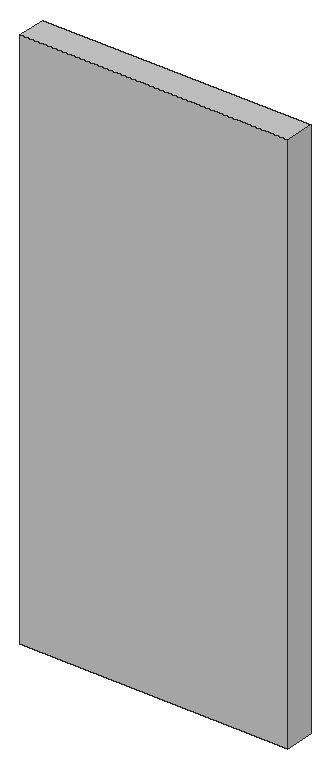
Revit family "EXP_WT-1D_CPan-005", category Curtain Panels, Revit 2021
Family settings
  OmniClass Number = 23.25.20.14.11.11.17
  OmniClass Title = Infill Panels
  Always vertical = Yes
  Cut with Voids When Loaded = No
  Shared = No
Parameters
  VisibileEXP_xx_DetO-002 [instance] = yes
  UI-UnitNumber [instance] = "001"
  UI-Quadrant [instance] = "SE"
  UI-ProjectAbbreviation = "NEU"
  UI-ItemCategory = "PID"
  UI-FloorNumber [instance] = "03"
  PNT-WallType = "WT1D"
  PNT-ProjectAbbreviation = "NEU"
  PNT-PanelType [instance] = "01"
  PNT-ItemCategory = "PNL"
  GlassH1 = LVR(Louvers)
  Define Thermal Properties by = Schematic Type
  CellSp = 0' - 10 3/16"
  CellL [instance] = 7' - 10"
  CellHTot [instance] = 15' - 11 1/2"
  CellH [instance] = 15' - 11 1/2"
  Analytic Construction = "<None>"
Reference planes (in)
  plane 1 "Center (Front/Back)": y = 0
  plane 2: z = 0
  plane 3 "Center (Left/Right)": x = 0
  plane 4 "Left": x = -47
  plane 5 "Right": x = 47
  plane 6 "Top": z = 191.5
  plane 7: y = -10.1875
Forms (in)
  Extrusion 1, solid, material "LVR(Louvers)" <- "GlassH1"
    sketch origin (0, 0, 0) x (0, 1, 0) y (0, 0, 1)
      loop
        line (0, 191.5) -> (-10.1875, 191.5) -> (-10.1875, 0) -> (0, 0) -> (0, 191.5)
    from -47 to 47
Text (in)
  text "Exterior" at (-92.59733, 55.75508, 0), in view "Ref. Level"
  text "Exterior" at (0, 90.18664, 173.49264), in view "Left"
  text "Exterior" at (0, 52.29083, 162.21847), in view "Right"
Dimensions and locks (in)
  equal spacing: plane 4 "Left", plane 3 "Center (Left/Right)", plane 5 "Right"  (x2)
  "CellL": plane 4 "Left" to plane 5 "Right"
  "CellH": plane 2 to plane 6 "Top"
  "CellSp": plane 7 to plane 1 "Center (Front/Back)"
  "CellHTot": plane 2 to plane 6 "Top"
  aligned and locked: level to plane 2
  aligned and locked: Extrusion 1 sketch curve to level
  aligned and locked: Extrusion 1 sketch curve to plane 7
  aligned and locked: Extrusion 1 to plane 5 "Right"
  aligned and locked: plane 4 "Left" to Extrusion 1
  aligned and locked: Extrusion 1 to plane 6 "Top"
  aligned and locked: nested 1 to plane 6 "Top"
  aligned and locked: Extrusion 1 to plane 2
  aligned and locked: plane 5 "Right" to nested 1
  aligned and locked: nested 1 to plane 7
Automatic sketch dimensions
  Extrusion 1 sketch curve to plane 1 "Center (Front/Back)" = 0' - 0"
  level to Extrusion 1 sketch curve = 15' - 11 1/2"
Nested families (in)
  nested 1: "EXP_xx_DetO-002" at (0, -10.1875, 0), CellH <- "CellH", CellL <- "CellL", visible <- "VisibileEXP_xx_DetO-002", type "EXP_xx_DetO-002", detail levels coarse
    with CellL 7' - 10", CellH 15' - 11 1/2"
Definition of nested family "EXP_xx_DetO-002"
  Parameters (values of type "EXP_xx_DetO-002")
    Default Elevation = 0' - 0"
    CellL [instance] = 5' - 4.56693"
    CellH [instance] = 5' - 2.99213"
  Reference planes (in)
    plane 1 "Center (Front/Back)": y = 0
    plane 2: z = 0
    plane 3 "Center (Left/Right)": x = 0
    plane 4: x = -32.28346
    plane 5: x = 32.28346
    plane 6: z = 62.99213
  Lines and regions (in)
    model lines
      curve 1: line (-32.28346, 0, 62.99213) -> (32.28346, 0, 0)
      curve 2: line (32.28346, 0, 62.99213) -> (-32.28346, 0, 0)
  Dimensions and locks (in)
    "CellH": plane 6 to level
    equal spacing: plane 4, plane 3 "Center (Left/Right)", plane 5
    "CellL": plane 4 to plane 5
    aligned and locked: level to plane 2
  Automatic sketch dimensions
    curve 2 to level = 0' - 0"
    plane 4 to curve 2 = 0' - 0"
    plane 4 to curve 1 = 0' - 0"
    plane 5 to curve 2 = 0' - 0"
    curve 1 to level = 0' - 0"
    plane 5 to curve 1 = 0' - 0"
    curve 2 to plane 6 = 0' - 0"
    curve 1 to plane 6 = 0' - 0"
